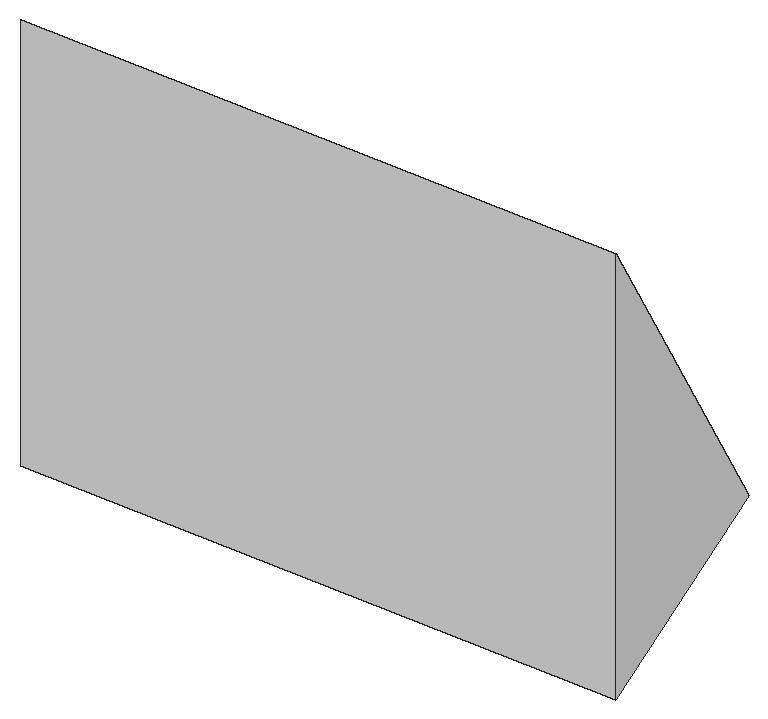
Revit family "TM92930E Triangle ER AP LED hvit LED driver_Vegg", category Lighting Fixtures, Revit 2016
Family settings
  Part Type = Normal
  Round Connector Dimension = Use Diameter
  OmniClass Number = 23.80.70.11.21
  OmniClass Title = Emergency Lighting
  Work Plane-Based = No
  Always vertical = Yes
  Cut with Voids When Loaded = No
  Light Source = Yes
  Shared = No
  Room Calculation Point = No
Parameters (values of type "Ledelys")
  Wattage = 9.2903 W
  built-in parameter 1150110 = 1 (stored number, unit not read)
  Type Comments = "-UN"
  built-in parameter 1114217 = 1 (stored number, unit not read)
  Tilt Angle = 90.00°
  built-in parameter 1150109 = 1 (stored number, unit not read)
  built-in parameter 1150134 = 3
  built-in parameter 1150113 = 1 (stored number, unit not read)
  Photometric Web File = "2x4 3Lamp.ies"
  Number of Poles = 1
  Symbol Positive Direction [instance] = yes
  NS8360 = "4432_WT2"
  Manufacturer = "Honeywell"
  built-in parameter 1150105 = 109.82 (stored number, unit not read)
  Lumens = 1380 lm
  built-in parameter 1150115 = 1 (stored number, unit not read)
  built-in parameter 1150137 = (empty or 0)
  built-in parameter 1150139 = (empty or 0)
  built-in parameter 1150112 = 1 (stored number, unit not read)
  built-in parameter 1150114 = 1 (stored number, unit not read)
  Keynote = "WT2"
  built-in parameter 1150132 = (empty or 0)
  built-in parameter 1150102 = (empty or 0)
  built-in parameter 1150107 = 3200 (stored number, unit not read)
  built-in parameter 1150138 = (empty or 0)
  built-in parameter 1150106 = 1.0982 (stored number, unit not read)
  Height = 60 mm
  Voltage = 230 V
  Symbol Offset Side [instance] = 0 mm
  Symbol Offset Out [instance] = 0 mm
  Material = Plastic - White
  Loads [instance] = 0 VA
  Length B = 145 mm
  Length A = 216 mm
  Emit from Rectangle Width = Length B  # 145 mm
  Emit from Rectangle Length = Length A  # 216 mm
  Emit Shape Visible in Rendering = no
  built-in parameter 1150104 = 13.8 (stored number, unit not read)
  Dimming Lamp Color Temperature Shift = <None>
  Color Filter = 16777215
  built-in parameter 1114218 = 1 (stored number, unit not read)
  built-in parameter 1150133 = 10 (stored number, unit not read)
  Assembly Code = "4432"
Reference planes
  plane 1 "Light Source Axis (F/B)": y = 0
  plane 2: z = 0
  plane 3 "Light Source Axis (L/R)": x = 0
  plane 4 "Light Source Elevation": z = 0
  plane 5: z = -72.5
  plane 6: y = 60
  plane 7: x = -108
  plane 8: x = 108
  plane 9: z = 72.5
  plane 10: z = -32.5
Forms (mm)
  Extrusion 1, solid, material "Plastic - White" <- "Material"
    sketch origin (0, 0, 0) x (0, 1, 0) y (0, 0, 1)
      loop
        line (0, 72.5) -> (0, -72.5) -> (60, -32.5) -> (0, 72.5)
    from -108 to 108
  Extrusion 2, void
    sketch origin (0, 33.462, -50.192) x (0, -0.83205, -0.5547) y (-1, 0, 0)
      loop
        line (9.278, 15) -> (-18.965, 5) -> (-18.965, -5) -> (9.278, -15) -> (9.278, 15)
      loop
        line (9.278, 69) -> (-18.965, 59) -> (-18.965, 49) -> (9.278, 39) -> (9.278, 69)
      loop
        line (9.278, -69) -> (9.278, -39) -> (-18.965, -49) -> (-18.965, -59) -> (9.278, -69)
    from -10 to 0
Cuts and joins
  Extrusion 2 cuts Extrusion 1
Lines and regions (mm)
  model lines, style "InvisibleLines"
    curve 1: line (0, 0, 0) -> (0, 0, -69.5)
Dimensions and locks
  plane 4 "Light Source Elevation" to plane 2 = 0 mm
  "Height": plane 6 to plane 1 "Light Source Axis (F/B)"
  equal spacing: plane 9, plane 4 "Light Source Elevation", plane 5
  equal spacing: plane 8, plane 3 "Light Source Axis (L/R)", plane 7
  "Length A": plane 8 to plane 7
  "Length B": plane 9 to plane 5
  plane 10 to plane 5 = 40 mm
  plane 3 "Light Source Axis (L/R)" to plane 7 = 108 mm
  aligned and locked: plane 2 to level
  aligned and locked: plane 1 "Light Source Axis (F/B)" to nested 1
  aligned and locked: plane 3 "Light Source Axis (L/R)" to nested 1
  aligned and locked: plane 6 to imposter light
  aligned and locked: plane 1 "Light Source Axis (F/B)" to Extrusion 1 sketch curve
  aligned and locked: Extrusion 1 to plane 7
  aligned and locked: plane 8 to Extrusion 1
  aligned and locked: cut or joined group of Extrusion 1, Extrusion 2 to cut or joined group of Extrusion 1, Extrusion 2
  aligned and locked: Extrusion 1 to Extrusion 2
Automatic sketch dimensions
  curve 1 to plane 3 "Light Source Axis (L/R)" = 0 mm
  plane 5 to curve 1 = 3 mm
  curve 1 to level = 0 mm
  Extrusion 1 sketch curve to plane 6 = 0 mm
  Extrusion 1 sketch curve to plane 10 = 0 mm
  Extrusion 1 sketch curve to plane 9 = 0 mm
  Extrusion 1 sketch curve to plane 5 = 0 mm
  plane 3 "Light Source Axis (L/R)" to Extrusion 2 sketch curve = 49 mm
  plane 7 to Extrusion 2 sketch curve = 49 mm
  Extrusion 2 sketch curve to Extrusion 2 sketch curve = 0 mm  (x3)
  Extrusion 2 sketch curve to plane 3 "Light Source Axis (L/R)" = 5 mm
  Extrusion 2 sketch curve to plane 3 "Light Source Axis (L/R)" = 15 mm
  Extrusion 2 sketch curve to Extrusion 2 sketch curve = 28.242 mm  (x2)
  Extrusion 2 sketch curve to Extrusion 2 sketch curve = 10 mm  (x4)
  plane 3 "Light Source Axis (L/R)" to Extrusion 2 sketch curve = 15 mm
  plane 3 "Light Source Axis (L/R)" to Extrusion 2 sketch curve = 5 mm
  Extrusion 2 sketch curve to plane 3 "Light Source Axis (L/R)" = 49 mm
  Extrusion 2 sketch curve to plane 3 "Light Source Axis (L/R)" = 39 mm
Nested families
  nested 1: "LedelysS" at (0, 0, 0), type "Type 1"
Connectors
  electrical at (0, 0, 0), driven by "Voltage", driven by "Loads", driven by "Number of Poles", driven by "Loads"
    settings: on plane 4 "Light Source Elevation", index 1, voltage 230 V, apparent load 0 VA, apparent load phase1 0 VA, apparent load phase2 0 VA, apparent load phase3 0 VA, power factor 1, load classification "Lighting", number of poles 1, system type 30, power factor state 1, is connector primary yes, connector utility no, sub classification motor no, connector description ""
Definition of nested family "LedelysS"
  Parameters
    CQ Symbol Positive Direction = yes
    CQ Symbol Negative Direction = not(CQ Symbol Positive Direction)  # no
    CQ Symbol Offset Side = 0 mm
    CQ Symbol Offset Out = 0 mm
  Reference planes
    plane 1: y = 0
    plane 2: x = 0
  Dimensions and locks
    "CQ Symbol Offset Out": plane 1 to nested 1
    "CQ Symbol Offset Out": plane 1 to nested 2
    "CQ Symbol Offset Side": plane 2 to nested 2
    "CQ Symbol Offset Side": nested 1 to plane 2
  Nested families
    nested 1: "LedelysSub" at (0, 0, 0), visible <- "CQ Symbol Negative Direction", type "Type 1"
    nested 2: "LedelysSub" at (0, 0, 0), visible <- "CQ Symbol Positive Direction", type "Type 1"
  Definition of nested family "LedelysSub"
    Reference planes
      plane 1: y = 0
      plane 2: x = 0
    Lines and regions (mm)
      detail lines
        curve 1: line (-4, 0, 0) -> (4, 0, 0)
        curve 2: line (4, 0, 0) -> (4, 4, 0)
        curve 3: line (4, 4, 0) -> (-4, 4, 0)
        curve 4: line (-4, 4, 0) -> (-4, 0, 0)
        curve 5: line (-3.097, 0.75, 0) -> (-0.597, 3.25, 0)
        curve 6: line (-3.097, 3.25, 0) -> (-0.597, 0.75, 0)
        curve 7: circle (-1.847, 2, 0) r 1.2 normal (0, 0, 1)
    Text (mm)
      text "LL" at (2.179, 3.025, 0)
